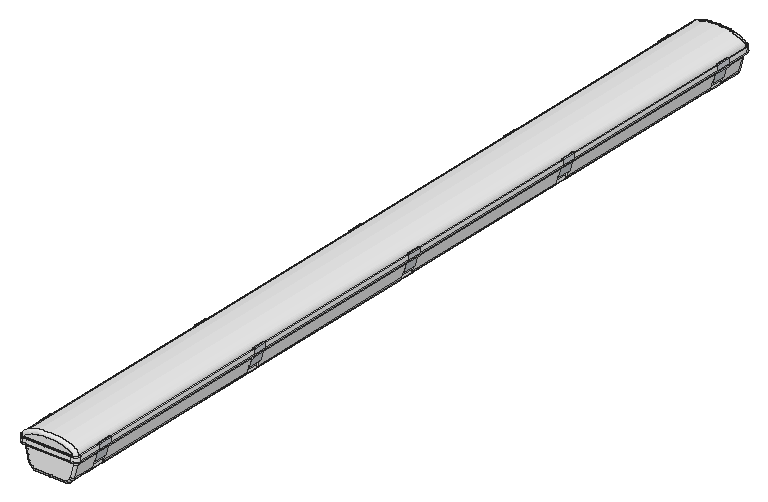
Revit family "0048799 Feilo Sylvania Lighting Fixture HYDROPROOF LED G3 1500MM T 4K D MW", category Lighting Fixtures, host Face, Revit 2016
Family settings
  Host = Face
  Part Type = Normal
  Round Connector Dimension = Use Diameter
  OmniClass Number = 23.80.70.11.14
  OmniClass Title = General Luminaries, Directional
  Cut with Voids When Loaded = No
  Light Source = Yes
  Shared = No
  Room Calculation Point = No
Parameters (values of type "0048799 HYDROPROOF LED G3 1500MM T 4K D MW")
  Width = 110 mm
  Weight = "2.66 kg"
  Wattage Comments = "n/a"
  Wattage = 48 W
  WarrantyStartDate [instance] = "n/a"
  WarrantyGuarantorParts = "n/a"
  WarrantyDurationUnit = "n/a"
  WarrantyDurationParts = "n/a"
  WarrantyDescription = "n/a"
  built-in parameter 1150110 = 1 (stored number, unit not read)
  Voltage = 230 V
  URL = "http://www.sylvania-lighting.com"
  TypeName = "HYDROPROOF LED G3 1500MM T 4K D MW"
  Type Image = <None>
  Type Comments = "n/a"
  built-in parameter 1114217 = 1 (stored number, unit not read)
  Tilt Angle = -90.00°
  built-in parameter 1150109 = 1 (stored number, unit not read)
  built-in parameter 1150134 = 12
  built-in parameter 1150113 = 1 (stored number, unit not read)
  SerialNumber [instance] = "n/a"
  ReflectorMaterial = none
  PowerFactor = 0
  PowerConsumption = "48 W"
  Photometric Web File = "0048799.ies"
  NominalWidth = 0 mm
  NominalLength = 1578 mm
  NominalHeight = 78 mm
  Name = "HYDROPROOF LED G3 1500MM T 4K D MW"
  ModelReference = "HYDROPROOF LED G3 1500MM T 4K D MW"
  ModelNumber = "0048799"
  Model = "HYDROPROOF LED G3 1500MM T 4K D MW"
  Material = "grp housing, pmma diffuser"
  ManufacturerName = "Feilo Sylvania"
  Manufacturer = "Feilo Sylvania"
  LuminousEfficacy = "144 lm/W"
  built-in parameter 1150105 = 550.04 (stored number, unit not read)
  Lumens = 6912 lm
  LuminaireType = ""
  built-in parameter 1150115 = 1 (stored number, unit not read)
  LightOutputRatio = "n/a"
  built-in parameter 1150137 = (empty or 0)
  built-in parameter 1150139 = (empty or 0)
  Length = 1572 mm
  LampsType = Lamp  # "LED"
  LampNominalLuminous = "6900 lm"
  LampMacAdamStep = "3"
  LampColourTemperature = "4000 K"
  LampColourRenderingIndex = "80"
  built-in parameter 1150112 = 1 (stored number, unit not read)
  built-in parameter 1150114 = 1 (stored number, unit not read)
  Lamp = "LED"
  Keynote = "16500"
  InstallationDate [instance] = "n/a"
  InputVoltage = "220-240V~"
  InputNominalFrequency = "DC/50/60 Hz"
  built-in parameter 1150132 = (empty or 0)
  built-in parameter 1150102 = (empty or 0)
  built-in parameter 1150107 = 4000 (stored number, unit not read)
  built-in parameter 1150138 = (empty or 0)
  IngressProtection = "IP65"
  ImpactProtectionIndex = "IK02"
  built-in parameter 1150106 = 5.5004 (stored number, unit not read)
  IfcExportType = "IfcLightFixtureType"
  IfcExportAs = "IfcLightFixtureType"
  ExpectedLife = 50000
  Emit from Rectangle Width = Width - 20 mm  # 90 mm
  Emit from Rectangle Length = Length - 20 mm  # 1552 mm
  Emit Shape Visible in Rendering = no
  ElectricShockClassification = "Class I"
  built-in parameter 1150104 = 13.378 (stored number, unit not read)
  DurationUnit = "hours"
  DocumentationLiterature = "http://www.sylvania-lighting.com/product/en-int/products/0048799"
  DimmingControlOptions = "Dimmable"
  Dimming Lamp Color Temperature Shift = <None>
  DiffuserMaterial = Diffuser-Sylvania-Transparent
  Description = "Hydroproof, integrated LED chemical resistant weatherproof luminaire, with UV stabilized flat diffuser and linear prisms designed to achieve uniform lit appearance, optimise light output and to reduce glare, stainless steel diffuser clips and fixing brackets for surface and wall mounting. L 1578 mm x W 110 mm x H 78 mm size, GRP housing, PMMA diffuser, DALI dimmable, with MW sensor, 4000K, CRI80,  6900 lm, 48 W, 144 lm/W, nominal average life (h):50000, energy class: A++ A+ A Class I,IK02, IP65."
  Default Elevation = 1219.2 mm
  CreatedOn = "3/27/2018"
  CreatedBy = "aron.fodor@feilosylvania.com"
  Cost = 0
  Color Filter = 16777215
  built-in parameter 1114216 [instance] = (empty or 0)
  ClassificationValue = "EF_70_80"
  ClassificationName = "Uniclass2015"
  BodyMaterial = Body-Sylvania-Gray
  BarCode [instance] = "n/a"
  built-in parameter 1114218 = 1 (stored number, unit not read)
  built-in parameter 1150133 = 10 (stored number, unit not read)
  AssetType = "Fixed"
  AssetIdentifier [instance] = "n/a"
  Assembly Code = "D5020200"
  Apparent Load = 48 VA
  AccessoryMaterial = Diffuser-Sylvania-Glow
Reference planes
  plane 1 "Center (Front/Back)": y = 0
  plane 2: z = 0
  plane 3 "Center (Left/Right)": x = 0
  plane 4: z = 54
  plane 5: x = -27.7
  plane 6: x = -34.8
  plane 7: x = -39.6
  plane 8: x = -42.2
  plane 9: z = 3
  plane 10: z = 7.8
  plane 11: z = 12.3
  plane 12: z = 36.6
  plane 13: z = 42.8
  plane 14: x = -51.1
  plane 15: z = 46.2
  plane 16: x = -55
  plane 17: y = 786
  plane 18: y = -786
  plane 19: x = 27.7
  plane 20: x = 34.8
  plane 21: x = 39.6
  plane 22: x = 42.2
  plane 23: x = 51.1
  plane 24: x = 55
  plane 25: y = 778.4
  plane 26: y = -778.4
  plane 27: y = -774.7
  plane 28: y = 774.7
  plane 29: z = 74
  plane 30: x = -51.5
  plane 31: x = 51.5
  plane 32: z = 55.2
  plane 33: y = -782.5
  plane 34: y = 782.5
  plane 35: x = -37.5
  plane 36: x = 37.5
  plane 37: x = -48.7
  plane 38: x = 48.7
  plane 39: x = 18
  plane 40: x = -18
  plane 41: z = 50.2
  plane 42: z = 24.6
  plane 43: y = 720
  plane 44: y = 706
  plane 45: y = 734
  plane 46: y = -720
  plane 47: y = 720
  plane 48: y = 706
  plane 49: y = 734
  plane 50: y = -720
  plane 51: y = -734
  plane 52: y = -706
  plane 53: y = 360
  plane 54: y = 346
  plane 55: y = 374
  plane 56: y = 0
  plane 57: y = -14
  plane 58: y = 14
  plane 59: y = -360
  plane 60: y = -374
  plane 61: y = -346
Forms (mm)
  Sweep 1, solid, material "Body-Sylvania-Gray" <- "BodyMaterial", detail levels medium+fine
    path origin (1223.4, -4572, 54) x (0, -1, 0) y (1, 0, 0)
      loop
        arc (-3796, -1278.4) -> (-3788.929, -1275.471) -> (-3786, -1268.4) r 10
        line (-3786, -1268.4) -> (-3786, -1178.4)
        arc (-3786, -1178.4) -> (-3788.929, -1171.329) -> (-3796, -1168.4) r 10
        line (-3796, -1168.4) -> (-5348, -1168.4)
        arc (-5348, -1168.4) -> (-5355.071, -1171.329) -> (-5358, -1178.4) r 10
        line (-5358, -1178.4) -> (-5358, -1268.4)
        arc (-5358, -1268.4) -> (-5355.071, -1275.471) -> (-5348, -1278.4) r 10
        line (-5348, -1278.4) -> (-3796, -1278.4)
    profile origin (-55, 0, 54) x (-1, 0, 0) y (0, 0, 1)
      loop
        line (0, 0) -> (-1, 0) -> (-1, -7.726)
        arc (-1, -7.726) -> (-1.994, -9.498) -> (-3.9, -10.2) r 2.937
        line (-3.9, -10.2) -> (-8.571, -10.2) -> (-8.571, -11.2) -> (-3.9, -11.2)
        arc (-3.9, -11.2) -> (-1.313, -10.231) -> (0, -7.8) r 3.937
        line (0, -7.8) -> (0, 0)
  Sweep 2, solid, material "Body-Sylvania-Gray" <- "BodyMaterial", detail levels medium+fine
    path origin (0, 0, 0) x (1, 0, 0) y (0, 0, 1)
      loop
        line (48.7, 42.8) -> (48.7, 36.6) -> (42.203, 12.31)
        arc (42.203, 12.31) -> (41.199, 9.884) -> (39.6, 7.8) r 10.052
        line (39.6, 7.8) -> (34.8, 3)
        arc (34.8, 3) -> (31.554, 0.781) -> (27.7, 0) r 9.902
        line (27.7, 0) -> (0, 0) -> (-27.7, 0)
        arc (-27.7, 0) -> (-31.554, 0.781) -> (-34.8, 3) r 9.902
        line (-34.8, 3) -> (-39.6, 7.8)
        arc (-39.6, 7.8) -> (-41.199, 9.884) -> (-42.203, 12.31) r 10.052
        line (-42.203, 12.31) -> (-48.7, 36.6) -> (-48.7, 42.8)
    profile origin (0, 0, 0) x (0, 0, -1) y (0, -1, 0)
      loop
        arc (0, 773.4) -> (-1.464, 776.936) -> (-5, 778.4) r 5
        line (-5, 778.4) -> (-7.8, 778.4) -> (-7.8, -778.4) -> (-5, -778.4)
        arc (-5, -778.4) -> (-1.464, -776.936) -> (0, -773.4) r 5
        line (0, -773.4) -> (0, 773.4)
  Extrusion 3, solid, material "Body-Sylvania-Gray" <- "BodyMaterial", detail levels medium+fine
    sketch origin (1524, 778.4, 1219.2) x (1, 0, 0) y (0, 0, 1)
      loop
        arc (-1558.668, -1204.874) -> (-1558.443, -1205.418) -> (-1558.085, -1205.885) r 2.252
        line (-1558.085, -1205.885) -> (-1553.231, -1210.738)
        arc (-1553.231, -1210.738) -> (-1552.534, -1211.227) -> (-1551.7, -1211.4) r 2.102
        line (-1551.7, -1211.4) -> (-1496.3, -1211.4)
        arc (-1496.3, -1211.4) -> (-1495.466, -1211.227) -> (-1494.769, -1210.738) r 2.102
        line (-1494.769, -1210.738) -> (-1489.915, -1205.885)
        arc (-1489.915, -1205.885) -> (-1489.557, -1205.418) -> (-1489.332, -1204.874) r 2.252
        line (-1489.332, -1204.874) -> (-1483.1, -1181.575) -> (-1483.1, -1176.4) -> (-1564.9, -1176.4) -> (-1564.9, -1181.575) -> (-1558.668, -1204.874)
    from 0 to 1556.8
  Sweep 4, solid, material "Diffuser-Sylvania-Transparent" <- "DiffuserMaterial", detail levels medium+fine
    path origin (0, 0, 0) x (1, 0, 0) y (0, 0, 1)
      loop
        spline (-51.5, 55.2) -> (-49.745, 60.066) -> (-44.6, 64.6) -> (-36.416, 68.494) -> (-25.75, 71.481) -> (-13.329, 73.359) -> (0, 74) -> (13.329, 73.359) -> (25.75, 71.481) -> (36.416, 68.494) -> (44.6, 64.6) -> (49.745, 60.066) -> (51.5, 55.2)
    profile origin (51.5, 0, 55.2) x (0, -1, 0) y (1, 0, 0)
      loop
        arc (782.5, -5.5) -> (780.889, -1.611) -> (777, 0) r 5.5
        line (777, 0) -> (-777, 0)
        arc (-777, 0) -> (-780.889, -1.611) -> (-782.5, -5.5) r 5.5
        line (-782.5, -5.5) -> (-782.5, -6.3) -> (-781.5, -6.3) -> (-781.5, -5.5)
        arc (-781.5, -5.5) -> (-780.182, -2.318) -> (-777, -1) r 4.5
        line (-777, -1) -> (777, -1)
        arc (777, -1) -> (780.182, -2.318) -> (781.5, -5.5) r 4.5
        line (781.5, -5.5) -> (781.5, -6.347) -> (782.5, -6.347) -> (782.5, -5.5)
  Extrusion 5, solid, material "Diffuser-Sylvania-Transparent" <- "DiffuserMaterial", detail levels medium+fine
    sketch origin (1524, -782.5, 1219.2) x (1, 0, 0) y (0, 0, 1)
      loop
        line (-1569.653, -1164) -> (-1478.347, -1164)
        spline (-1478.347, -1164) -> (-1478.969, -1162.594) -> (-1482.527, -1159.545) -> (-1489.588, -1156.201) -> (-1499.458, -1153.445) -> (-1511.242, -1151.663) -> (-1524, -1151.049) -> (-1536.758, -1151.663) -> (-1548.542, -1153.445) -> (-1558.412, -1156.201) -> (-1565.473, -1159.545) -> (-1569.031, -1162.594) -> (-1569.653, -1164)
    from 0 to -1
  Extrusion 6, solid, material "Diffuser-Sylvania-Transparent" <- "DiffuserMaterial", detail levels medium+fine
    sketch origin (1524, 782.5, 1219.2) x (1, 0, 0) y (0, 0, 1)
      loop
        spline (-1478.3, -1164) -> (-1478.931, -1162.565) -> (-1482.502, -1159.505) -> (-1489.572, -1156.155) -> (-1499.446, -1153.394) -> (-1511.236, -1151.614) -> (-1524, -1151.007) -> (-1536.764, -1151.614) -> (-1548.554, -1153.394) -> (-1558.428, -1156.155) -> (-1565.498, -1159.505) -> (-1569.069, -1162.565) -> (-1569.7, -1164)
        line (-1569.7, -1164) -> (-1478.3, -1164)
    from 0 to 1
  Extrusion 7, solid, material "Diffuser-Sylvania-Transparent" <- "DiffuserMaterial", detail levels medium+fine
    sketch origin (1223.4, -4572, 55.2) x (0, -1, 0) y (-1, 0, 0)
      loop
        arc (-5353.5, 1177.4) -> (-5352.182, 1174.218) -> (-5349, 1172.9) r 4.5
        line (-5349, 1172.9) -> (-3795, 1172.9)
        arc (-3795, 1172.9) -> (-3791.818, 1174.218) -> (-3790.5, 1177.4) r 4.5
        line (-3790.5, 1177.4) -> (-3790.5, 1269.4)
        arc (-3790.5, 1269.4) -> (-3791.818, 1272.582) -> (-3795, 1273.9) r 4.5
        line (-3795, 1273.9) -> (-5349, 1273.9)
        arc (-5349, 1273.9) -> (-5352.182, 1272.582) -> (-5353.5, 1269.4) r 4.5
        line (-5353.5, 1269.4) -> (-5353.5, 1177.4)
      loop
        line (-5358, 1268.4) -> (-5358, 1178.4)
        arc (-5358, 1178.4) -> (-5355.071, 1171.329) -> (-5348, 1168.4) r 10
        line (-5348, 1168.4) -> (-3796, 1168.4)
        arc (-3796, 1168.4) -> (-3788.929, 1171.329) -> (-3786, 1178.4) r 10
        line (-3786, 1178.4) -> (-3786, 1268.4)
        arc (-3786, 1268.4) -> (-3788.929, 1275.471) -> (-3796, 1278.4) r 10
        line (-3796, 1278.4) -> (-5348, 1278.4)
        arc (-5348, 1278.4) -> (-5355.071, 1275.471) -> (-5358, 1268.4) r 10
    from 0 to 1.2
  Extrusion 8, solid, material "Diffuser-Sylvania-Glow" <- "AccessoryMaterial", detail levels fine
    sketch origin (0, 0, 0) x (1, 0, 0) y (0, 0, 1)
      loop
        circle (-18, 50.2) r 8
      loop
        circle (18, 50.2) r 8
    from -774.7 to 774.7
  Extrusion 9, void
    sketch origin (0, 720, 2343.807) x (0, 0, -1) y (-1, 0, 0)
      loop
        line (2340.807, -37.5) -> (2331.507, -37.5) -> (2319.207, -42.2) -> (2319.207, -48.7) -> (2340.807, -48.7) -> (2340.807, -37.5)
      loop
        line (2340.807, 37.5) -> (2340.807, 48.7) -> (2319.207, 48.7) -> (2319.207, 42.2) -> (2331.507, 37.5) -> (2340.807, 37.5)
    from -14 to 14
  Extrusion 10, solid, material "Body-Sylvania-Gray" <- "BodyMaterial", detail levels coarse
    sketch origin (0, 0, 0) x (1, 0, 0) y (0, 0, 1)
      loop
        line (55, 42.8) -> (55, 55.2) -> (-55, 55.2) -> (-55, 42.791) -> (-42.2, 0) -> (42.2, 0) -> (55, 42.8)
    from -786 to 786
  Extrusion 11, solid, material "Diffuser-Sylvania-Transparent" <- "DiffuserMaterial", detail levels coarse
    sketch origin (0, 0, 0) x (1, 0, 0) y (0, 0, 1)
      loop
        arc (51.5, 55.2) -> (0, 74) -> (-51.5, 55.2) r 79.939
        line (-51.5, 55.2) -> (51.5, 55.2)
    from 778.4 to -778.4
  Extrusion 12, void, not visible
    sketch origin (0, 720, 2343.807) x (0, 0, -1) y (-1, 0, 0)
      loop
        line (2340.807, -37.5) -> (2331.507, -37.5) -> (2319.207, -42.2) -> (2319.207, -48.7) -> (2340.807, -48.7) -> (2340.807, -37.5)
      loop
        line (2340.807, 37.5) -> (2340.807, 48.7) -> (2319.207, 48.7) -> (2319.207, 42.2) -> (2331.507, 37.5) -> (2340.807, 37.5)
    from -14 to 14
  Extrusion 13, void
    sketch origin (0, -720, 2343.807) x (0, 0, -1) y (-1, 0, 0)
      loop
        line (2340.807, -37.5) -> (2331.507, -37.5) -> (2319.207, -42.2) -> (2319.207, -48.7) -> (2340.807, -48.7) -> (2340.807, -37.5)
      loop
        line (2340.807, 37.5) -> (2340.807, 48.7) -> (2319.207, 48.7) -> (2319.207, 42.2) -> (2331.507, 37.5) -> (2340.807, 37.5)
    from -14 to 14
  Extrusion 14, void
    sketch origin (0, 360, 2343.807) x (0, 0, -1) y (-1, 0, 0)
      loop
        line (2340.807, -37.5) -> (2331.507, -37.5) -> (2319.207, -42.2) -> (2319.207, -48.7) -> (2340.807, -48.7) -> (2340.807, -37.5)
      loop
        line (2340.807, 37.5) -> (2340.807, 48.7) -> (2319.207, 48.7) -> (2319.207, 42.2) -> (2331.507, 37.5) -> (2340.807, 37.5)
    from -14 to 14
  Extrusion 15, void
    sketch origin (0, 0, 2343.807) x (0, 0, -1) y (-1, 0, 0)
      loop
        line (2340.807, -37.5) -> (2331.507, -37.5) -> (2319.207, -42.2) -> (2319.207, -48.7) -> (2340.807, -48.7) -> (2340.807, -37.5)
      loop
        line (2340.807, 37.5) -> (2340.807, 48.7) -> (2319.207, 48.7) -> (2319.207, 42.2) -> (2331.507, 37.5) -> (2340.807, 37.5)
    from -14 to 14
  Extrusion 16, void
    sketch origin (0, -360, 2343.807) x (0, 0, -1) y (-1, 0, 0)
      loop
        line (2340.807, -37.5) -> (2331.507, -37.5) -> (2319.207, -42.2) -> (2319.207, -48.7) -> (2340.807, -48.7) -> (2340.807, -37.5)
      loop
        line (2340.807, 37.5) -> (2340.807, 48.7) -> (2319.207, 48.7) -> (2319.207, 42.2) -> (2331.507, 37.5) -> (2340.807, 37.5)
    from -14 to 14
Cuts and joins
  Extrusion 9, Extrusion 13, Extrusion 14, Extrusion 15, Extrusion 16 cuts Sweep 2
  Extrusion 13, Extrusion 14, Extrusion 15, Extrusion 16 cuts Extrusion 3
  joined: Sweep 2, Extrusion 3
  joined: Sweep 4, Extrusion 5, Extrusion 6
Dimensions and locks
  locked: plane 4 to plane 2 at 54
  plane 5 to plane 6 to plane 7 to plane 8 to plane 14 to plane 16 = 7.1 mm locked, 4.8 mm locked, 2.6 mm locked, 8.9 mm, 3.9 mm
  plane 4 to plane 15 to plane 13 to plane 12 to plane 11 to plane 10 to plane 9 = 7.8 mm locked, 3.4 mm, 6.2 mm locked, 24.3 mm locked, 4.5 mm locked, 4.8 mm locked
  equal spacing: plane 18, plane 1 "Center (Front/Back)", plane 17
  "Length": plane 18 to plane 17
  plane 19 to plane 20 to plane 21 to plane 22 to plane 23 to plane 24 = 7.1 mm locked, 4.8 mm locked, 2.6 mm locked, 8.9 mm, 3.9 mm
  equal spacing: plane 24, plane 3 "Center (Left/Right)", plane 16
  "Width": plane 24 to plane 16
  equal spacing: plane 27, plane 1 "Center (Front/Back)", plane 28
  locked: plane 26 to plane 27 at 3.7
  locked: Sweep 1 sketch curve to profile plane at 1
  locked: Sweep 1 sketch curve to plane 13 at 1
  locked: Sweep 1 sketch curve to plane 13 at 3.937  (x2)
  locked: Sweep 1 sketch curve to profile plane at 3.9  (x2)
  locked: plane 29 to plane 4 at 20
  equal spacing: plane 31, plane 3 "Center (Left/Right)", plane 30
  locked: plane 30 to plane 16 at 3.5
  locked: plane 32 to plane 4 at 1.2
  equal spacing: plane 33, plane 1 "Center (Front/Back)", plane 34
  equal spacing: plane 36, plane 3 "Center (Left/Right)", plane 35
  locked: plane 3 "Center (Left/Right)" to plane 35 at 37.5
  locked: plane 34 to plane 17 at 3.5
  equal spacing: plane 38, plane 3 "Center (Left/Right)", plane 37
  locked: plane 37 to plane 16 at 6.3
  equal spacing: plane 25, plane 1 "Center (Front/Back)", plane 26
  locked: plane 17 to plane 25 at 7.6
  locked: Sweep 2 sketch curve to plane 2 at 5  (x2)
  locked: Sweep 2 sketch curve to plane 26 at 5
  locked: plane 25 to Sweep 2 sketch curve at 5
  locked: Sweep 4 sketch curve to plane 31 at 5.5  (x2)
  locked: Sweep 4 sketch curve to plane 34 at 5.5
  plane 33 to Sweep 4 sketch curve = 5.5 mm
  locked: plane 34 to Sweep 4 sketch curve at 1
  locked: Sweep 4 sketch curve to plane 31 at 1
  locked: Sweep 4 sketch curve to Sweep 4 sketch curve at 1
  locked: Sweep 4 sketch curve to plane 31 at 6.347
  locked: Sweep 4 sketch curve to plane 31 at 6.3
  equal spacing: plane 39, plane 3 "Center (Left/Right)", plane 40
  locked: plane 3 "Center (Left/Right)" to plane 40 at 18
  locked: plane 42 to plane 2 at 24.6
  plane 45 to plane 43 to plane 44 = 14 mm locked, 14 mm locked
  locked: plane 17 to plane 43 at 66
  equal spacing: plane 43, plane 1 "Center (Front/Back)", plane 46
  plane 49 to plane 47 to plane 48 = 14 mm locked, 14 mm locked
  plane 52 to plane 50 to plane 51 = 14 mm locked, 14 mm locked  (x2)
  equal spacing: group 1, group 6, group 7, group 8, group 5  (x2)
  equal spacing: group 5, group 8, group 7, group 6, group 1
  plane 55 to plane 53 to plane 54 = 14 mm locked, 14 mm locked  (x2)
  plane 58 to plane 56 to plane 57 = 14 mm locked, 14 mm locked  (x2)
  plane 61 to plane 59 to plane 60 = 14 mm locked, 14 mm locked  (x2)
  plane 43 to plane 53 to plane 1 "Center (Front/Back)" to plane 59 to plane 50 = 360 mm locked, 360 mm locked, 360 mm locked, 360 mm locked
  aligned and locked: plane 2 to host face
  aligned and locked: level to host face
  aligned and locked: plane 16 to Sweep 1 sketch curve
  aligned and locked: Sweep 1 sketch curve to plane 24
  aligned and locked: plane 18 to Sweep 1 sketch curve
  aligned and locked: Sweep 1 sketch curve to plane 13
  aligned and locked: profile plane to Sweep 1 sketch curve
  aligned and locked: plane 3 "Center (Left/Right)" to Sweep 2 sketch curve
  aligned and locked: plane 9 to Sweep 2 sketch curve
  aligned and locked: plane 10 to Sweep 2 sketch curve
  aligned and locked: plane 37 to Sweep 2 sketch curve
  aligned and locked: plane 12 to Sweep 2 sketch curve
  aligned and locked: Sweep 2 sketch curve to level
  aligned and locked: plane 21 to Sweep 2 sketch curve
  aligned and locked: plane 38 to Sweep 2 sketch curve
  aligned and locked: profile plane to Sweep 2 sketch curve
  aligned and locked: plane 25 to Sweep 2 sketch curve
  aligned and locked: Sweep 2 sketch curve to plane 10
  aligned and locked: Extrusion 3 sketch curve to Sweep 2  (x7)
  aligned and locked: Sweep 2 to Extrusion 3 sketch curve
  aligned and locked: Extrusion 3 to plane 25
  aligned and locked: plane 26 to Extrusion 3
  aligned and locked: plane 32 to Sweep 4 sketch curve
  aligned and locked: plane 33 to Sweep 4 sketch curve
  aligned and locked: Sweep 4 to Extrusion 5
  aligned and locked: plane 33 to Extrusion 5
  aligned and locked: Extrusion 5 sketch curve to Sweep 4
  aligned and locked: cut or joined group of Sweep 4, Extrusion 5, Extrusion 6 to Extrusion 6 sketch curve
  aligned and locked: Extrusion 7 sketch curve to cut or joined group of Sweep 4, Extrusion 5, Extrusion 6  (x2)
  aligned and locked: cut or joined group of Sweep 4, Extrusion 5, Extrusion 6 to Extrusion 7 sketch curve  (x2)
  aligned and locked: plane 41 to Extrusion 8 sketch curve  (x2)
  aligned and locked: plane 39 to Extrusion 8 sketch curve
  aligned and locked: plane 27 to Extrusion 8
  aligned and locked: Extrusion 8 to plane 28
  aligned and locked: Extrusion 9 to plane 42
  aligned and locked: plane 9 to Extrusion 9
  aligned and locked: plane 44 to Extrusion 9
  aligned and locked: Extrusion 9 to plane 45
  aligned and locked: Extrusion 7 sketch curve to Sweep 1  (x4)
  aligned and locked: plane 4 to Extrusion 7
  aligned and locked: Extrusion 7 to plane 32
  aligned and locked: nested 2 to plane 43
  aligned and locked: plane 43 to nested 1
  aligned and locked: Extrusion 10 sketch curve to plane 24
  aligned and locked: Extrusion 10 sketch curve to Extrusion 7
  aligned and locked: plane 8 to Extrusion 10 sketch curve
  aligned and locked: plane 22 to Extrusion 10 sketch curve
  aligned and locked: level to Extrusion 10 sketch curve
  aligned and locked: Extrusion 10 to plane 17
  aligned and locked: plane 18 to Extrusion 10
  aligned and locked: cut or joined group of Sweep 4, Extrusion 5, Extrusion 6 to Extrusion 11 sketch curve
  aligned and locked: Extrusion 11 sketch curve to cut or joined group of Sweep 4, Extrusion 5, Extrusion 6  (x2)
  aligned and locked: plane 31 to Extrusion 11 sketch curve
  aligned and locked: plane 30 to Extrusion 11 sketch curve
  aligned and locked: plane 26 to Extrusion 11
  aligned and locked: Extrusion 11 to plane 25
  aligned and locked: imposter light to plane 29
  aligned and locked: plane 3 "Center (Left/Right)" to imposter light
  aligned and locked: plane 1 "Center (Front/Back)" to imposter light
  aligned and locked: plane 51 to Extrusion 13
  aligned and locked: Extrusion 13 to plane 52
  aligned and locked: plane 54 to Extrusion 14
  aligned and locked: Extrusion 14 to plane 55
  aligned and locked: plane 57 to Extrusion 15
  aligned and locked: Extrusion 15 to plane 58
  aligned and locked: plane 60 to Extrusion 16
  aligned and locked: Extrusion 16 to plane 61
  aligned and locked: nested 3 to plane 53
  aligned and locked: plane 53 to nested 10
  aligned and locked: nested 4 to plane 56
  aligned and locked: plane 56 to nested 9
  aligned and locked: nested 5 to plane 59
  aligned and locked: plane 59 to nested 8
  aligned and locked: nested 6 to plane 50
  aligned and locked: plane 50 to nested 7
Automatic sketch dimensions
  host sketch curve to host sketch curve = 2438.4 mm  (x2)
  plane 17 to Sweep 1 sketch curve = 0 mm
  Sweep 1 sketch curve to plane 28 = 1.3 mm
  Sweep 1 sketch curve to plane 7 = 5.4 mm
  plane 27 to Sweep 1 sketch curve = 1.3 mm  (x2)
  Sweep 1 sketch curve to Sweep 1 sketch curve = 4.671 mm
  Sweep 1 sketch curve to plane 4 = 0 mm
  Sweep 2 sketch curve to plane 7 = 0 mm
  Sweep 2 sketch curve to plane 6 = 0 mm
  Sweep 2 sketch curve to plane 5 = 0 mm
  plane 19 to Sweep 2 sketch curve = 0 mm
  Sweep 2 sketch curve to plane 9 = 0 mm
  plane 20 to Sweep 2 sketch curve = 0 mm
  Sweep 2 sketch curve to plane 12 = 0 mm
  Sweep 2 sketch curve to plane 10 = 0 mm
  Sweep 2 sketch curve to plane 13 = 0 mm  (x2)
  Sweep 2 sketch curve to plane 8 = 0.003 mm
  plane 6 to Sweep 2 sketch curve = 2.308 mm
  plane 20 to Sweep 2 sketch curve = 2.308 mm
  Sweep 2 sketch curve to plane 22 = 0.003 mm
  Sweep 2 sketch curve to plane 11 = 0.01 mm  (x2)
  Extrusion 3 sketch curve to plane 5 = 0 mm
  plane 19 to Extrusion 3 sketch curve = 0 mm
  plane 6 to Extrusion 3 sketch curve = 0.132 mm
  plane 6 to Extrusion 3 sketch curve = 0.715 mm
  Extrusion 3 sketch curve to Extrusion 3 sketch curve = 1.592 mm
  Extrusion 3 sketch curve to plane 10 = 0.662 mm  (x2)
  plane 20 to Extrusion 3 sketch curve = 2.308 mm
  plane 20 to Extrusion 3 sketch curve = 0.715 mm
  plane 20 to Extrusion 3 sketch curve = 0.132 mm
  Sweep 4 sketch curve to plane 30 = 0 mm
  Sweep 4 sketch curve to plane 3 "Center (Left/Right)" = 0 mm
  Sweep 4 sketch curve to Sweep 4 sketch curve = 0 mm  (x2)
  plane 37 to Extrusion 5 sketch curve = 3.047 mm
  Extrusion 5 sketch curve to plane 38 = 3.047 mm
  plane 37 to Extrusion 6 sketch curve = 3 mm
  Extrusion 6 sketch curve to plane 38 = 3 mm
  plane 25 to Extrusion 7 sketch curve = 1.4 mm  (x2)
  Extrusion 7 sketch curve to plane 26 = 1.4 mm  (x2)
  Extrusion 8 sketch curve to plane 40 = 0 mm
  Extrusion 9 sketch curve to Extrusion 9 sketch curve = 0 mm
  Extrusion 9 sketch curve to Extrusion 9 sketch curve = 12.3 mm  (x2)
  Extrusion 9 sketch curve to Extrusion 9 sketch curve = 9.3 mm  (x2)
  Extrusion 9 sketch curve to Extrusion 9 sketch curve = 6.5 mm
  Extrusion 9 sketch curve to Extrusion 9 sketch curve = 4.7 mm  (x2)
  Extrusion 9 sketch curve to Extrusion 9 sketch curve = 75 mm
  Extrusion 9 sketch curve to Extrusion 9 sketch curve = 11.2 mm
  Extrusion 10 sketch curve to plane 13 = 0 mm
  plane 13 to Extrusion 10 sketch curve = 0.009 mm
  Extrusion 11 sketch curve to level = 5.939 mm
  Extrusion 10 sketch curve to plane 16 = 0 mm
  Extrusion 12 sketch curve to Extrusion 12 sketch curve = 0 mm
  Extrusion 12 sketch curve to Extrusion 12 sketch curve = 12.3 mm  (x2)
  Extrusion 12 sketch curve to Extrusion 12 sketch curve = 9.3 mm  (x2)
  Extrusion 12 sketch curve to Extrusion 12 sketch curve = 6.5 mm
  Extrusion 12 sketch curve to Extrusion 12 sketch curve = 4.7 mm  (x2)
  Extrusion 12 sketch curve to Extrusion 12 sketch curve = 75 mm
  Extrusion 12 sketch curve to Extrusion 12 sketch curve = 11.2 mm
  Extrusion 13 sketch curve to Extrusion 13 sketch curve = 0 mm
  Extrusion 13 sketch curve to Extrusion 13 sketch curve = 12.3 mm  (x2)
  Extrusion 13 sketch curve to Extrusion 13 sketch curve = 9.3 mm  (x2)
  Extrusion 13 sketch curve to Extrusion 13 sketch curve = 6.5 mm
  Extrusion 13 sketch curve to Extrusion 13 sketch curve = 4.7 mm  (x2)
  Extrusion 13 sketch curve to Extrusion 13 sketch curve = 75 mm
  Extrusion 13 sketch curve to Extrusion 13 sketch curve = 11.2 mm
  Extrusion 14 sketch curve to Extrusion 14 sketch curve = 0 mm
  Extrusion 14 sketch curve to Extrusion 14 sketch curve = 12.3 mm  (x2)
  Extrusion 14 sketch curve to Extrusion 14 sketch curve = 9.3 mm  (x2)
  Extrusion 14 sketch curve to Extrusion 14 sketch curve = 6.5 mm
  Extrusion 14 sketch curve to Extrusion 14 sketch curve = 4.7 mm  (x2)
  Extrusion 14 sketch curve to Extrusion 14 sketch curve = 75 mm
  Extrusion 14 sketch curve to Extrusion 14 sketch curve = 11.2 mm
  Extrusion 15 sketch curve to Extrusion 15 sketch curve = 0 mm
  Extrusion 15 sketch curve to Extrusion 15 sketch curve = 12.3 mm  (x2)
  Extrusion 15 sketch curve to Extrusion 15 sketch curve = 9.3 mm  (x2)
  Extrusion 15 sketch curve to Extrusion 15 sketch curve = 6.5 mm
  Extrusion 15 sketch curve to Extrusion 15 sketch curve = 4.7 mm  (x2)
  Extrusion 15 sketch curve to Extrusion 15 sketch curve = 75 mm
  Extrusion 15 sketch curve to Extrusion 15 sketch curve = 11.2 mm
  Extrusion 16 sketch curve to Extrusion 16 sketch curve = 0 mm
  Extrusion 16 sketch curve to Extrusion 16 sketch curve = 12.3 mm  (x2)
  Extrusion 16 sketch curve to Extrusion 16 sketch curve = 9.3 mm  (x2)
  Extrusion 16 sketch curve to Extrusion 16 sketch curve = 6.5 mm
  Extrusion 16 sketch curve to Extrusion 16 sketch curve = 4.7 mm  (x2)
  Extrusion 16 sketch curve to Extrusion 16 sketch curve = 75 mm
  Extrusion 16 sketch curve to Extrusion 16 sketch curve = 11.2 mm
  radius of Extrusion 8 sketch curve = 8 mm  (x2)
Nested families
  nested 1: "Clip" at (42.2, 720, 24.6), type "Clip", detail levels fine
  nested 2: "Clip" at (-42.2, 720, 24.6) x (-1, 0, 0) z (0, 0, 1), type "Clip", detail levels fine
  nested 3: "Clip" at (-42.2, 360, 24.6) x (-1, 0, 0) z (0, 0, 1), type "Clip", detail levels fine
  nested 4: "Clip" at (-42.2, 0, 24.6) x (-1, 0, 0) z (0, 0, 1), type "Clip", detail levels fine
  nested 5: "Clip" at (-42.2, -360, 24.6) x (-1, 0, 0) z (0, 0, 1), type "Clip", detail levels fine
  nested 6: "Clip" at (-42.2, -720, 24.6) x (-1, 0, 0) z (0, 0, 1), type "Clip", detail levels fine
  nested 7: "Clip" at (42.2, -720, 24.6), type "Clip", detail levels fine
  nested 8: "Clip" at (42.2, -360, 24.6), type "Clip", detail levels fine
  nested 9: "Clip" at (42.2, 0, 24.6), type "Clip", detail levels fine
  nested 10: "Clip" at (42.2, 360, 24.6), type "Clip", detail levels fine
Connectors
  electrical at (0, 0, 0), driven by "Apparent Load"
    settings: index 1, voltage 230 V, apparent load 48 VA, apparent load phase1 0 VA, apparent load phase2 0 VA, apparent load phase3 0 VA, power factor 0, load classification "Lighting", number of poles 1, system type 30, power factor state 1, is connector primary yes, connector utility no, sub classification motor no, connector description ""
Definition of nested family "Clip"
  Parameters (values of type "Clip")
    URL = "http://www.feilosylvania.com"
    Type Comments = "n/a"
    Model = "n/a"
    Manufacturer = "Feilo Sylvania"
    Keynote = "n/a"
    Description = "n/a"
    Default Elevation = 1219.2 mm
    Cost = 0
    BodyMaterial = none
    Assembly Code = "n/a"
  Reference planes
    plane 1 "Center (Front/Back)": y = 0
    plane 2: z = 0
    plane 3 "Center (Left/Right)": x = 0
    plane 4: x = 3.3
    plane 5: x = 6.5
    plane 6: x = 8.9
    plane 7: x = 12.8
    plane 8: z = 12
    plane 9: z = 18.2
    plane 10: z = 21.6
    plane 11: z = 30.6
    plane 12: x = 9.3
    plane 13: z = 19.2
    plane 14: z = 16.2
    plane 15: x = 10.1
    plane 16: y = 12
    plane 17: y = -12
  Forms (mm)
    Extrusion 1, solid
      sketch origin (-0.8, 0, 0) x (1, 0, 0) y (0, 1, 0)
        loop
          line (-1219.2, 1219.2) -> (-1219.2, -1219.2) -> (1219.2, -1219.2) -> (1219.2, 1219.2) -> (-1219.2, 1219.2)
      from 0 to -304.8
    Extrusion 2, solid
      sketch origin (0, 0, 0) x (1, 0, 0) y (0, 0, 1)
        loop
          line (8.9, 16.2) -> (4.58, 0) -> (0, 0) -> (0, -0.8) -> (5.195, -0.8) -> (9.603, 15.731) -> (13.6, 18.806) -> (13.6, 30.6)
          arc (13.6, 30.6) -> (11.45, 32.75) -> (9.3, 30.6) r 2.15
          line (9.3, 30.6) -> (10.1, 30.6)
          arc (10.1, 30.6) -> (11.45, 31.95) -> (12.8, 30.6) r 1.35
          line (12.8, 30.6) -> (12.8, 19.2) -> (8.9, 16.2)
      from -12 to 12
  Lines and regions (mm)
    reference lines
      curve 1: line (3.3, 0, 0) -> (6.5, 0, 12)
      curve 2: arc (8.9, 0, 18.2) -> (11.488, 0, 19.169) -> (12.8, 0, 21.6) r 3.934
  Dimensions and locks
    plane 7 to plane 6 to plane 5 to plane 4 to plane 3 "Center (Left/Right)" = 3.9 mm locked, 2.4 mm locked, 3.2 mm locked, 3.3 mm locked
    plane 11 to plane 10 to plane 9 to plane 8 to plane 2 = 9 mm locked, 3.4 mm locked, 6.2 mm locked, 12 mm locked
    locked: plane 7 to plane 12 at 3.5
    locked: plane 13 to plane 9 at 1
    locked: plane 9 to plane 14 at 2
    locked: plane 15 to plane 12 at 0.8
    locked: plane 2 to Extrusion 2 sketch curve at 0.8
    locked: Extrusion 2 sketch curve to Extrusion 2 sketch curve at 0.8  (x3)
    locked: plane 7 to Extrusion 2 sketch curve at 1.35
    equal spacing: plane 17, plane 1 "Center (Front/Back)", plane 16
    locked: plane 1 "Center (Front/Back)" to plane 16 at 12
    aligned and locked: plane 2 to Extrusion 1
    aligned and locked: level to Extrusion 1
    aligned and locked: plane 4 to curve 1
    aligned and locked: plane 5 to curve 1
    aligned and locked: plane 6 to curve 2
    aligned and locked: plane 10 to curve 2
    aligned and locked: plane 14 to Extrusion 2 sketch curve
    aligned and locked: plane 13 to Extrusion 2 sketch curve
    aligned and locked: plane 7 to Extrusion 2 sketch curve
    aligned and locked: plane 3 "Center (Left/Right)" to Extrusion 2 sketch curve
    aligned and locked: Extrusion 2 sketch curve to level
    aligned and locked: Extrusion 2 sketch curve to plane 11
    aligned and locked: plane 11 to Extrusion 2 sketch curve
    aligned and locked: Extrusion 2 to plane 16
    aligned and locked: plane 17 to Extrusion 2
  Automatic sketch dimensions
    Extrusion 1 sketch curve to Extrusion 1 sketch curve = 2438.4 mm  (x2)
    curve 2 to plane 7 = 0 mm
    curve 1 to level = 0 mm
    curve 1 to plane 8 = 0 mm
    curve 2 to plane 9 = 0 mm
    plane 6 to curve 2 = 0.002 mm
    Extrusion 2 sketch curve to Extrusion 2 sketch curve = 0 mm
    Extrusion 2 sketch curve to plane 6 = 0 mm
    plane 4 to Extrusion 2 sketch curve = 1.28 mm
